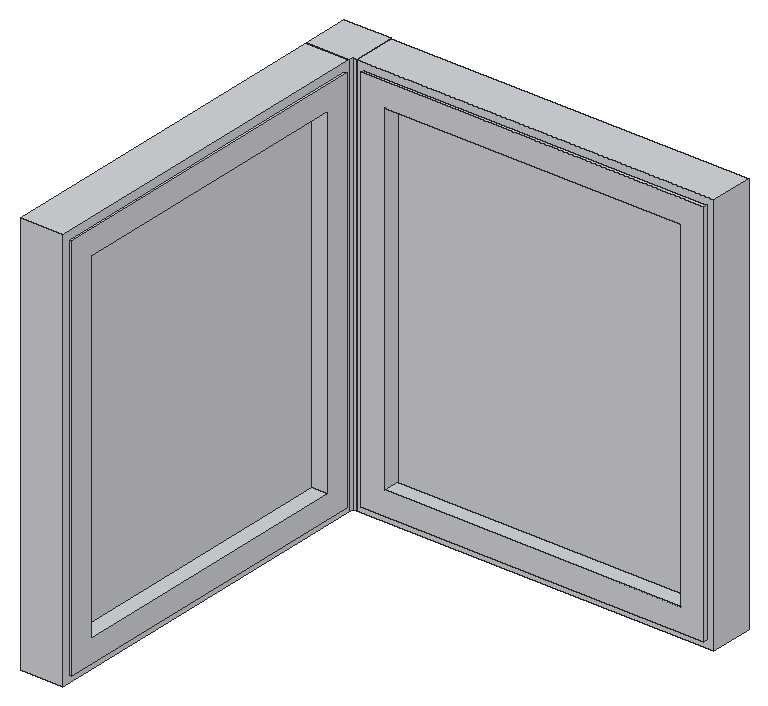
Revit family "Kawneer_Window_GT70s_Pos0071", category Windows, host Wall, Revit 2020
Parameters (values of type "2000mm(w)x1000mm(h)")
  _ObjectUserGuide = "www.bimstore.co.uk"
  _DistributedBy = "www.bimstore.co.uk"
  _CurrentRevision = 1
  _CreatedBy = "https://www.bimstore.co/"
  _BimSpecGuid = 0
  _BSBibleVersion = 16
  _AuthorizedBy = "bimstore"
  _Author = "BS"
  WidthReturn = 884 mm
  WarrantyStartDate [instance] = "Please record on commissioning."
  WarrantyGuarantorParts = "kuk.kawneer@arconic.com"
  WarrantyGuarantorLabor = "kuk.kawneer@arconic.com"
  WarrantyDurationUnit = "Years"
  WarrantyDurationParts = "n/a"
  WarrantyDurationLabor = "n/a"
  WarrantyDescription = "Kawneer Lifetime Guarantee"
  WallThickness [instance] = 300 mm
  URL = "https://www.kawneer.com"
  TypeName = Model  # "GT70s - Pos 007"
  Type Comments = "2000mm(w)x1000mm(h)"
  TopPanel = 600 mm
  SpareParts = "n/a"
  Size = Type Comments  # "2000mm(w)x1000mm(h)"
  Shape = "Rectangle"
  SerialNumber [instance] = "Please record on commissioning."
  ReplacementCost = "n/a"
  ReferencedStandard = "n/a"
  ProductionYear = "2022"
  OffsetOutward [instance] = if(ExternalRevealDepth > 0 mm, 0 mm, 0 mm - ExternalRevealDepth)  # 0 mm
  OffsetInward [instance] = if(OffsetOutward = 0 mm, ExternalRevealDepth, 0 mm)  # 30 mm
  NominalLength = system length 1  # 884 mm
  NominalHeight = system length 2  # 1000 mm
  NominalDepth = FrameDepth  # 72 mm
  NBSReference = "45-25-99/310"
  NBSOfficeMasterTag = "n/a"
  NBSObjectName = "Kawneer - Aluminium window units"
  NBSNote = "n/a"
  NBSDescription = "Aluminium window units"
  ModelReference = Type Comments  # "2000mm(w)x1000mm(h)"
  ModelNumber = Model  # "GT70s - Pos 007"
  Model = "GT70s - Pos 007"
  Material = "Aluminium"
  ManufacturerName = "Kawneer UK Limited"
  Manufacturer = "Kawneer UK Limited"
  Keynote = "L10/330"
  JambTolerance = 0 mm
  IronmongeryMaterial [instance] = Aluminum
  InternalRevealThickness = 5 mm
  InternalRevealDepth [instance] = WallThickness - ExternalRevealDepth - FrameDepth  # 198 mm
  InstallationDate [instance] = "Please record on commissioning."
  IfcExportType = "IfcWindowTypeEnum.WINDOW"
  IfcExportAs = "IfcWindow"
  system length 2 = 1000 mm
  HeadTolerance = 0 mm
  HasCill [instance] = no
  Grade = "n/a"
  GlazingThickness = (locked) 28 mm
  GlazingMaterial [instance] = Kawneer Glass
  GlassThickness = (locked) 6 mm
  GlassOffset_EXT = (locked) 7 mm
  FrameWidth = (locked) 79 mm
  FrameMaterial [instance] = Aluminum
  Finish = "PPC"
  Features = "n/a"
  ExternalRevealDepth [instance] = 30 mm
  ExpectedLife = 0
  DurationUnit = "Years"
  DocumentationTechnical = "n/a"
  DocumentationMaintenance = "n/a"
  DocumentationLiterature = "https://www.kawneer.com"
  DocumentationInstallationGuide = "n/a"
  DocumentationCertificates = "n/a"
  Description = "Window"
  FrameDepth = (locked) 72 mm
  Default Cill Height = 800 mm
  system length 1 = 884 mm
  CreatedOn = "12-09.2022 T09:00:00"
  CreatedBy = "kuk.kawneer@arconic.com"
  Constituents = "n/a"
  Color = "n/a"
  CodePerformance = "n/a"
  ClassificationValue = "Pr_30_59_98_02"
  ClassificationName = "Uniclass2015"
  CillHeight [instance] = if(HasCill, 30 mm, 0 mm)  # 0 mm
  BottomPanel = 600 mm
  BarCode [instance] = "Please record on commissioning."
  BIMObjectName = "Kawneer_Window_GT70s_Pos007"
  AssetType = "Fixed"
  AssetIdentifier [instance] = "n/a"
  Assembly Code = "B2020100"
  AccessibilityPerformance = "n/a"
Reference planes
  plane 1 "Center (Front/Back)": y = 0
  plane 2 "Center (Left/Right)": x = 0
  plane 3 "Left": x = -442
  plane 4 "Right": x = 442
  plane 5 "Sill": z = 800
  plane 6 "Head": z = 1800
  plane 7 "Exterior": y = 150
  plane 8 "Interior": y = -150
  plane 9 "Front": y = 120
  plane 10 "Frame Rear": y = 48
  plane 11 "Base": z = 800
  plane 12 "Offset Inward": y = 120
  plane 13: x = -437
  plane 14: x = 437
  plane 15 "7": z = 1795
  plane 16 "Int Wrap": y = 48
  plane 17 "CL": z = 1300
  plane 18 "JAMB TOL A": x = -442
  plane 19 "JAMB TOL B": x = 442
  plane 20 "HEAD TOL": z = 1800
  plane 21 "HEAD TOL E": z = 1721
  plane 22 "HEAD TOL F": z = 879
  plane 23 "Handle Int": y = 48
Forms (mm)
  Extrusion 1, void
    sketch origin (0, 0, 0) x (1, 0, 0) y (0, 1, 0)
      loop
        line (-437, 48) -> (-437, -150) -> (437, -150) -> (437, 48) -> (-437, 48)
    from 800 to 1795
  Extrusion 2, void
    sketch origin (0, 0, 0) x (1, 0, 0) y (0, 1, 0)
      loop
        line (-442, 150) -> (-442, 48) -> (442, 48) -> (442, 150) -> (-442, 150)
    from 800 to 1800
Dimensions and locks
  "system length 1": plane 3 "Left" to plane 4 "Right"
  "system length 2": plane 5 "Sill" to plane 6 "Head"
  "Default Cill Height": plane 5 "Sill" to level
  "FrameDepth": plane 9 "Front" to plane 10 "Frame Rear"
  "OffsetInward": plane 12 "Offset Inward" to plane 7 "Exterior"
  "OffsetOutward": plane 9 "Front" to plane 12 "Offset Inward"
  "InternalRevealThickness": plane 3 "Left" to plane 13
  "InternalRevealThickness": plane 14 to plane 4 "Right"
  "InternalRevealThickness": plane 6 "Head" to plane 15 "7"
  "InternalRevealDepth": plane 8 "Interior" to plane 16 "Int Wrap"
  "JambTolerance": plane 19 "JAMB TOL B" to plane 4 "Right"
  "JambTolerance": plane 3 "Left" to plane 18 "JAMB TOL A"
  "HeadTolerance": plane 20 "HEAD TOL" to plane 6 "Head"
  "FrameWidth": plane 21 "HEAD TOL E" to plane 20 "HEAD TOL"
  "FrameWidth": plane 11 "Base" to plane 22 "HEAD TOL F"
  "CillHeight": plane 5 "Sill" to plane 11 "Base"
  locked: plane 9 "Front" to plane 23 "Handle Int" at 72
Nested families
  nested 1: "Kawneer_GT70s_Pos007" at (442, -180, 1300) x (-1, 0, 0) z (0, 0, 1), WidthReturn <- "WidthReturn", FrameMaterial <- "FrameMaterial", GlassMaterial <- "GlazingMaterial"
    with WidthReturn 884 mm, Width 884 mm, Height 1000 mm
Definition of nested family "Kawneer_GT70s_Pos007"
  Parameters (values of type "Kawneer_GT70s_Pos007")
    WidthReturn [instance] = 884 mm
    Width [instance] = 884 mm
    TopPanel = 600 mm
    Offset = 300 mm
    Height [instance] = 1000 mm
    GlassMaterial [instance] = none
    GPane = 8 mm
    FrameMaterial [instance] = none
    BottomPanel = 600 mm
  Reference planes
    plane 1 "Center (Front/Back)": y = 0
    plane 2: z = 0
    plane 3 "Center (Left/Right)": x = 0
    plane 4 "Frame Front": y = -300
    plane 5 "Frame": y = -228
    plane 6: x = 894
    plane 7: z = 500
    plane 8: z = -500
    plane 9 "Glass Front": y = -293
    plane 10: y = -285
    plane 11: y = -269
    plane 12 "Glass Internal": y = -261
    plane 13: x = 66.971
    plane 14: x = 817.002
    plane 15: z = 433.029
    plane 16: z = -433.029
    plane 17: y = 666
    plane 18: x = 884
    plane 19 "Frame Front Return": x = 966
    plane 20 "Glass Return Front": x = 959
    plane 21: x = 951
    plane 22: x = 935
    plane 23: x = 927
    plane 24: y = -218
    plane 25: y = -151.002
    plane 26: y = 599.029
  Forms (mm)
    Extrusion 1, solid, material <- "GlassMaterial"
      sketch origin (0, 0, 0) x (1, 0, 0) y (0, 1, 0)
        loop
          line (817.002, -269) -> (817.002, -261) -> (66.971, -261) -> (66.971, -269) -> (817.002, -269)
        loop
          line (817.002, -293) -> (817.002, -285) -> (66.971, -285) -> (66.971, -293) -> (817.002, -293)
      from -433.029 to 433.029
    Sweep 2, solid, material <- "FrameMaterial"
      path origin (0, -300, 0) x (-1, 0, 0) y (0, 0, 1)
        loop
          line (-884, 500) -> (-884, -500) -> (0, -500) -> (0, 500) -> (-884, 500)
      profile "Kawneer_GT70s_JambFixed8_Profile : Kawneer_GT70s_JambFixed8_Profile" origin (884, -300, 0) x (-1, 0, 0) y (0, 1, 0)
        loop
          line (0, 72) -> (0, -34) -> (17.056, -34) -> (26.973, -10) -> (39, -10) -> (39, 4) -> (24, 4) -> (24, 72) -> (0, 72)
    Sweep 3, solid, material <- "FrameMaterial"
      path origin (0, -293, 0) x (-1, 0, 0) y (0, 0, 1)
        loop
          line (-817.002, 433.029) -> (-817.002, -433.029) -> (-66.971, -433.029) -> (-66.971, 433.029) -> (-817.002, 433.029)
      profile "Kawneer_GT70s_OpenVent7_Profile : Kawneer_GT70s_OpenVent7_Profile" origin (817.002, -293, 0) x (-1, 0, 0) y (0, 1, 0)
        loop
          line (-48.998, 65) -> (-42.971, 65) -> (-42.971, -2.3) -> (-15.998, -2.3) -> (-15.998, -7) -> (9.002, -7) -> (9.002, 0) -> (0, 0) -> (0, 32) -> (9.002, 32) -> (9.002, 73) -> (-48.998, 73) -> (-48.998, 65)
    Sweep 4, solid, material <- "FrameMaterial"
      path origin (966, 0, 0) x (0, -1, 0) y (0, 0, 1)
        loop
          line (-666, 500) -> (-666, -500) -> (218, -500) -> (218, 500) -> (-666, 500)
      profile "Kawneer_GT70s_JambFixed8_Profile : Kawneer_GT70s_JambFixed8_Profile" origin (966, 666, 0) x (0, -1, 0) y (-1, 0, 0)
        loop
          line (0, 72) -> (0, -34) -> (17.056, -34) -> (26.973, -10) -> (39, -10) -> (39, 4) -> (24, 4) -> (24, 72) -> (0, 72)
    Extrusion 5, solid, material <- "GlassMaterial"
      sketch origin (929, -303.002, 0) x (0, 1, 0) y (-1, 0, 0)
        loop
          line (902.031, -6) -> (902.031, 2) -> (152, 2) -> (152, -6) -> (902.031, -6)
        loop
          line (902.031, -30) -> (902.031, -22) -> (152, -22) -> (152, -30) -> (902.031, -30)
      from -433.029 to 433.029
    Sweep 6, solid
      path origin (966, 0, 0) x (0, -1, 0) y (0, 0, 1)
        loop
          line (-599.029, 433.029) -> (-599.029, -433.029) -> (151.002, -433.029) -> (151.002, 433.029) -> (-599.029, 433.029)
      profile "Kawneer_GT70s_OpenVent7_Profile : Kawneer_GT70s_OpenVent7_Profile" origin (966, 599.029, 0) x (0, -1, 0) y (-1, 0, 0)
        loop
          line (-48.998, 72) -> (-42.971, 72) -> (-42.971, 4.7) -> (-15.998, 4.7) -> (-15.998, 0) -> (9.002, 0) -> (9.002, 7) -> (0, 7) -> (0, 39) -> (9.002, 39) -> (9.002, 80) -> (-48.998, 80) -> (-48.998, 72)
    Sweep 7, solid, material <- "FrameMaterial"
      path origin (0, -300, 0) x (-1, 0, 0) y (0, 0, 1)
        loop
          line (-884, 500) -> (-884, -500)
      profile "Kawneer_GT70s_Corner_Profile : Kawneer_GT70s_Corner_Profile" origin (884, -300, 0) x (-1, 0, 0) y (0, 1, 0)
        loop
          line (-10, 72) -> (-10, 82) -> (-115, 82) -> (-116, 81) -> (-116, -34) -> (-1, -34) -> (0, -33) -> (0, 72) -> (-10, 72)
  Dimensions and locks
    "Height": plane 7 to plane 8
    locked: plane 5 "Frame" to plane 4 "Frame Front" at 72
    "Offset": plane 4 "Frame Front" to plane 1 "Center (Front/Back)"
    locked: plane 9 "Glass Front" to plane 4 "Frame Front" at 7
    locked: plane 12 "Glass Internal" to plane 9 "Glass Front" at 32
    "GPane": plane 12 "Glass Internal" to plane 11
    "GPane": plane 10 to plane 9 "Glass Front"
    locked: plane 13 to plane 3 "Center (Left/Right)" at 66.971
    locked: plane 6 to plane 14 at 76.998
    locked: plane 7 to plane 15 at 66.971
    locked: plane 16 to plane 8 at 66.971
    locked: plane 6 to plane 18 at 10
    locked: plane 20 "Glass Return Front" to plane 19 "Frame Front Return" at 7
    locked: plane 23 to plane 20 "Glass Return Front" at 32
    "GPane": plane 23 to plane 22
    "GPane": plane 21 to plane 20 "Glass Return Front"
    locked: plane 19 "Frame Front Return" to plane 6 at 72
    locked: plane 24 to plane 5 "Frame" at 10
    locked: plane 25 to plane 5 "Frame" at 76.998
    locked: plane 17 to plane 26 at 66.971
    "Width": plane 18 to plane 3 "Center (Left/Right)"
    "WidthReturn": plane 17 to plane 24
  Nested families
    nested 1: "Kawneer_GT70s_Corner" at (894, -228, 0)
    nested 2: "Kawneer_GT70s_Jamb7" at (0, -228, 0) x (-1, 0, 0) z (0, 0, 1)
    nested 3: "Kawneer_GT70s_Jamb7" at (0, -228, -500) x (0, 0, -1) z (1, 0, 0)
    nested 4: "Kawneer_GT70s_Jamb7" at (0, -228, 500) x (0, 0, 1) z (1, 0, 0)
    nested 5: "Kawneer_GT70s_Jamb7" at (894, 666, 0) x (0, 1, 0) z (0, 0, 1)
